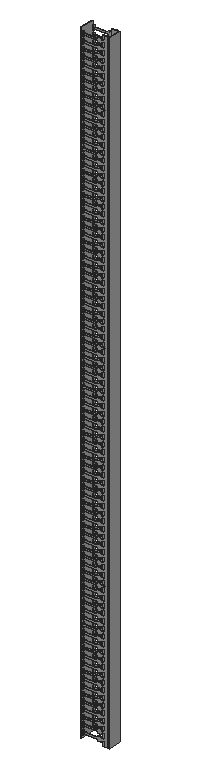
Revit family "ITK by ZPAS_Кабель-органайзер вертикальный_42U-47U", category Обобщенные модели, Revit 2019 (continued)
Forms (mm)
  Extrusion 3, solid, material "Окраска - RAL 9005" <- "Материал", detail levels fine
    sketch origin (-370, -6, 0) x (1, 0, 0) y (0, 0, -1)
      loop
          ) -> (390, -1059.443) -> (380, -1059.443) -> (376.463, -1064.443) -> (333.033, -1064.443) -> (333.033, -1059.443) -> (326.57, -1059.443) -> (326.57, -1074.443) -> (333.033, -1074.443) -> (333.033, -1069.443) -> (376.463, -1069.443) -> (380, -1074.443) -> (390, -1074.443) -> (393.537, -1069.443) -> (400, -1069.443) -> (400, -1086.771) -> (393.537, -1086.771) -> (390, -1081.771) -> (380, -1081.771) -> (376.463, -1086.771) -> (333.033, -1086.771) -> (333.033, -1081.771) -> (326.57, -1081.771) -> (326.57, -1096.771) -> (333.033, -1096.771) -> (333.033, -1091.771) -> (376.463, -1091.771) -> (380, -1096.771) -> (390, -1096.771) -> (393.537, -1091.771) -> (400, -1091.771) -> (400, -1109.1) -> (393.537, -1109.1) -> (390, -1104.1) -> (380, -1104.1) -> (376.463, -1109.1) -> (333.033, -1109.1) -> (333.033, -1104.1) -> (326.57, -1104.1) -> (326.57, -1119.1) -> (333.033, -1119.1) -> (333.033, -1114.1) -> (376.463, -1114.1) -> (380, -1119.1) -> (390, -1119.1) -> (393.537, -1114.1) -> (400, -1114.1) -> (400, -1131.429) -> (393.537, -1131.429) -> (390, -1126.429) -> (380, -1126.429) -> (376.463, -1131.429) -> (333.033, -1131.429) -> (333.033, -1126.429) -> (326.57, -1126.429) -> (326.57, -1141.429) -> (333.033, -1141.429) -> (333.033, -1136.429) -> (376.463, -1136.429) -> (380, -1141.429) -> (390, -1141.429) -> (393.537, -1136.429) -> (400, -1136.429) -> (400, -1153.757) -> (393.537, -1153.757) -> (390, -1148.757) -> (380, -1148.757) -> (376.463, -1153.757) -> (333.033, -1153.757) -> (333.033, -1148.757) -> (326.57, -1148.757) -> (326.57, -1163.757) -> (333.033, -1163.757) -> (333.033, -1158.757) -> (376.463, -1158.757) -> (380, -1163.757) -> (390, -1163.757) -> (393.537, -1158.757) -> (400, -1158.757) -> (400, -1176.086) -> (393.537, -1176.086) -> (390, -1171.086) -> (380, -1171.086) -> (376.463, -1176.086) -> (333.033, -1176.086) -> (333.033, -1171.086) -> (326.57, -1171.086) -> (326.57, -1186.086) -> (333.033, -1186.086) -> (333.033, -1181.086) -> (376.463, -1181.086) -> (380, -1186.086) -> (390, -1186.086) -> (393.537, -1181.086) -> (400, -1181.086) -> (400, -1198.414) -> (393.537, -1198.414) -> (390, -1193.414) -> (380, -1193.414) -> (376.463, -1198.414) -> (333.033, -1198.414) -> (333.033, -1193.414) -> (326.57, -1193.414) -> (326.57, -1208.414) -> (333.033, -1208.414) -> (333.033, -1203.414) -> (376.463, -1203.414) -> (380, -1208.414) -> (390, -1208.414) -> (393.537, -1203.414) -> (400, -1203.414) -> (400, -1220.743) -> (393.537, -1220.743) -> (390, -1215.743) -> (380, -1215.743) -> (376.463, -1220.743) -> (333.033, -1220.743) -> (333.033, -1215.743) -> (326.57, -1215.743) -> (326.57, -1230.743) -> (333.033, -1230.743) -> (333.033, -1225.743) -> (376.463, -1225.743) -> (380, -1230.743) -> (390, -1230.743) -> (393.537, -1225.743) -> (400, -1225.743) -> (400, -1243.071) -> (393.537, -1243.071) -> (390, -1238.071) -> (380, -1238.071) -> (376.463, -1243.071) -> (333.033, -1243.071) -> (333.033, -1238.071) -> (326.57, -1238.071) -> (326.57, -1253.071) -> (333.033, -1253.071) -> (333.033, -1248.071) -> (376.463, -1248.071) -> (380, -1253.071) -> (390, -1253.071) -> (393.537, -1248.071) -> (400, -1248.071) -> (400, -1265.4) -> (393.537, -1265.4) -> (390, -1260.4) -> (380, -1260.4) -> (376.463, -1265.4) -> (333.033, -1265.4) -> (333.033, -1260.4) -> (326.57, -1260.4) -> (326.57, -1275.4) -> (333.033, -1275.4) -> (333.033, -1270.4) -> (376.463, -1270.4) -> (380, -1275.4) -> (390, -1275.4) -> (393.537, -1270.4) -> (400, -1270.4) -> (400, -1287.729) -> (393.537, -1287.729) -> (390, -1282.729) -> (380, -1282.729) -> (376.463, -1287.729) -> (333.033, -1287.729) -> (333.033, -1282.729) -> (326.57, -1282.729) -> (326.57, -1297.729) -> (333.033, -1297.729) -> (333.033, -1292.729) -> (376.463, -1292.729) -> (380, -1297.729) -> (390, -1297.729) -> (393.537, -1292.729) -> (400, -1292.729) -> (400, -1310.057) -> (393.537, -1310.057) -> (390, -1305.057) -> (380, -1305.057) -> (376.463, -1310.057) -> (333.033, -1310.057) -> (333.033, -1305.057) -> (326.57, -1305.057) -> (326.57, -1320.057) -> (333.033, -1320.057) -> (333.033, -1315.057) -> (376.463, -1315.057) -> (380, -1320.057) -> (390, -1320.057) -> (393.537, -1315.057) -> (400, -1315.057) -> (400, -1332.386) -> (393.537, -1332.386) -> (390, -1327.386) -> (380, -1327.386) -> (376.463, -1332.386) -> (333.033, -1332.386) -> (333.033, -1327.386) -> (326.57, -1327.386) -> (326.57, -1342.386) -> (333.033, -1342.386) -> (333.033, -1337.386) -> (376.463, -1337.386) -> (380, -1342.386) -> (390, -1342.386) -> (393.537, -1337.386) -> (400, -1337.386) -> (400, -1354.714) -> (393.537, -1354.714) -> (390, -1349.714) -> (380, -1349.714) -> (376.463, -1354.714) -> (333.033, -1354.714) -> (333.033, -1349.714) -> (326.57, -1349.714) -> (326.57, -1364.714) -> (333.033, -1364.714) -> (333.033, -1359.714) -> (376.463, -1359.714) -> (380, -1364.714) -> (390, -1364.714) -> (393.537, -1359.714) -> (400, -1359.714) -> (400, -1377.043) -> (393.537, -1377.043) -> (390, -1372.043) -> (380, -1372.043) -> (376.463, -1377.043) -> (333.033, -1377.043) -> (333.033, -1372.043) -> (326.57, -1372.043) -> (326.57, -1387.043) -> (333.033, -1387.043) -> (333.033, -1382.043) -> (376.463, -1382.043) -> (380, -1387.043) -> (390, -1387.043) -> (393.537, -1382.043) -> (400, -1382.043) -> (400, -1399.371) -> (393.537, -1399.371) -> (390, -1394.371) -> (380, -1394.371) -> (376.463, -1399.371) -> (333.033, -1399.371) -> (333.033, -1394.371) -> (326.57, -1394.371) -> (326.57, -1409.371) -> (333.033, -1409.371) -> (333.033, -1404.371) -> (376.463, -1404.371) -> (380, -1409.371) -> (390, -1409.371) -> (393.537, -1404.371) -> (400, -1404.371) -> (400, -1421.7) -> (393.537, -1421.7) -> (390, -1416.7) -> (380, -1416.7) -> (376.463, -1421.7) -> (333.033, -1421.7) -> (333.033, -1416.7) -> (326.57, -1416.7) -> (326.57, -1431.7) -> (333.033, -1431.7) -> (333.033, -1426.7) -> (376.463, -1426.7) -> (380, -1431.7) -> (390, -1431.7) -> (393.537, -1426.7) -> (400, -1426.7) -> (400, -1444.029) -> (393.537, -1444.029) -> (390, -1439.029) -> (380, -1439.029) -> (376.463, -1444.029) -> (333.033, -1444.029) -> (333.033, -1439.029) -> (326.57, -1439.029) -> (326.57, -1454.029) -> (333.033, -1454.029) -> (333.033, -1449.029) -> (376.463, -1449.029) -> (380, -1454.029) -> (390, -1454.029) -> (393.537, -1449.029) -> (400, -1449.029) -> (400, -1466.357) -> (393.537, -1466.357) -> (390, -1461.357) -> (380, -1461.357) -> (376.463, -1466.357) -> (333.033, -1466.357) -> (333.033, -1461.357) -> (326.57, -1461.357) -> (326.57, -1476.357) -> (333.033, -1476.357) -> (333.033, -1471.357) -> (376.463, -1471.357) -> (380, -1476.357) -> (390, -1476.357) -> (393.537, -1471.357) -> (400, -1471.357) -> (400, -1488.686) -> (393.537, -1488.686) -> (390, -1483.686) -> (380, -1483.686) -> (376.463, -1488.686) -> (333.033, -1488.686) -> (333.033, -1483.686) -> (326.57, -1483.686) -> (326.57, -1498.686) -> (333.033, -1498.686) -> (333.033, -1493.686) -> (376.463, -1493.686) -> (380, -1498.686) -> (390, -1498.686) -> (393.537, -1493.686) -> (400, -1493.686) -> (400, -1511.014) -> (393.537, -1511.014) -> (390, -1506.014) -> (380, -1506.014) -> (376.463, -1511.014) -> (333.033, -1511.014) -> (333.033, -1506.014) -> (326.57, -1506.014) -> (326.57, -1521.014) -> (333.033, -1521.014) -> (333.033, -1516.014) -> (376.463, -1516.014) -> (380, -1521.014) -> (390, -1521.014) -> (393.537, -1516.014) -> (400, -1516.014) -> (400, -1533.343) -> (393.537, -1533.343) -> (390, -1528.343) -> (380, -1528.343) -> (376.463, -1533.343) -> (333.033, -1533.343) -> (333.033, -1528.343) -> (326.57, -1528.343) -> (326.57, -1543.343) -> (333.033, -1543.343) -> (333.033, -1538.343) -> (376.463, -1538.343) -> (380, -1543.343) -> (390, -1543.343) -> (393.537, -1538.343) -> (400, -1538.343) -> (400, -1555.671) -> (393.537, -1555.671) -> (390, -1550.671) -> (380, -1550.671) -> (376.463, -1555.671) -> (333.033, -1555.671) -> (333.033, -1550.671) -> (326.57, -1550.671) -> (326.57, -1565.671) -> (333.033, -1565.671) -> (333.033, -1560.671) -> (376.463,
           -1560.671) -> (380, -1565.671) -> (390, -1565.671) -> (393.537, -1560.671) -> (400, -1560.671) -> (400, -1578) -> (393.537, -1578) -> (390, -1573) -> (380, -1573) -> (376.463, -1578) -> (333.033, -1578) -> (333.033, -1573) -> (326.57, -1573) -> (326.57, -1588) -> (333.033, -1588) -> (333.033, -1583) -> (376.463, -1583) -> (380, -1588) -> (390, -1588) -> (393.537, -1583) -> (400, -1583) -> (400, -1600.329) -> (393.537, -1600.329) -> (390, -1595.329) -> (380, -1595.329) -> (376.463, -1600.329) -> (333.033, -1600.329) -> (333.033, -1595.329) -> (326.57, -1595.329) -> (326.57, -1610.329) -> (333.033, -1610.329) -> (333.033, -1605.329) -> (376.463, -1605.329) -> (380, -1610.329) -> (390, -1610.329) -> (393.537, -1605.329) -> (400, -1605.329) -> (400, -1622.657) -> (393.537, -1622.657) -> (390, -1617.657) -> (380, -1617.657) -> (376.463, -1622.657) -> (333.033, -1622.657) -> (333.033, -1617.657) -> (326.57, -1617.657) -> (326.57, -1632.657) -> (333.033, -1632.657) -> (333.033, -1627.657) -> (376.463, -1627.657) -> (380, -1632.657) -> (390, -1632.657) -> (393.537, -1627.657) -> (400, -1627.657) -> (400, -1644.986) -> (393.537, -1644.986) -> (390, -1639.986) -> (380, -1639.986) -> (376.463, -1644.986) -> (333.033, -1644.986) -> (333.033, -1639.986) -> (326.57, -1639.986) -> (326.57, -1654.986) -> (333.033, -1654.986) -> (333.033, -1649.986) -> (376.463, -1649.986) -> (380, -1654.986) -> (390, -1654.986) -> (393.537, -1649.986) -> (400, -1649.986) -> (400, -1667.314) -> (393.537, -1667.314) -> (390, -1662.314) -> (380, -1662.314) -> (376.463, -1667.314) -> (333.033, -1667.314) -> (333.033, -1662.314) -> (326.57, -1662.314) -> (326.57, -1677.314) -> (333.033, -1677.314) -> (333.033, -1672.314) -> (376.463, -1672.314) -> (380, -1677.314) -> (390, -1677.314) -> (393.537, -1672.314) -> (400, -1672.314) -> (400, -1689.643) -> (393.537, -1689.643) -> (390, -1684.643) -> (380, -1684.643) -> (376.463, -1689.643) -> (333.033, -1689.643) -> (333.033, -1684.643) -> (326.57, -1684.643) -> (326.57, -1699.643) -> (333.033, -1699.643) -> (333.033, -1694.643) -> (376.463, -1694.643) -> (380, -1699.643) -> (390, -1699.643) -> (393.537, -1694.643) -> (400, -1694.643) -> (400, -1711.971) -> (393.537, -1711.971) -> (390, -1706.971) -> (380, -1706.971) -> (376.463, -1711.971) -> (333.033, -1711.971) -> (333.033, -1706.971) -> (326.57, -1706.971) -> (326.57, -1721.971) -> (333.033, -1721.971) -> (333.033, -1716.971) -> (376.463, -1716.971) -> (380, -1721.971) -> (390, -1721.971) -> (393.537, -1716.971) -> (400, -1716.971) -> (400, -1734.3) -> (393.537, -1734.3) -> (390, -1729.3) -> (380, -1729.3) -> (376.463, -1734.3) -> (333.033, -1734.3) -> (333.033, -1729.3) -> (326.57, -1729.3) -> (326.57, -1744.3) -> (333.033, -1744.3) -> (333.033, -1739.3) -> (376.463, -1739.3) -> (380, -1744.3) -> (390, -1744.3) -> (393.537, -1739.3) -> (400, -1739.3) -> (400, -1756.629) -> (393.537, -1756.629) -> (390, -1751.629) -> (380, -1751.629) -> (376.463, -1756.629) -> (333.033, -1756.629) -> (333.033, -1751.629) -> (326.57, -1751.629) -> (326.57, -1766.629) -> (333.033, -1766.629) -> (333.033, -1761.629) -> (376.463, -1761.629) -> (380, -1766.629) -> (390, -1766.629) -> (393.537, -1761.629) -> (400, -1761.629) -> (400, -1778.957) -> (393.537, -1778.957) -> (390, -1773.957) -> (380, -1773.957) -> (376.463, -1778.957) -> (333.033, -1778.957) -> (333.033, -1773.957) -> (326.57, -1773.957) -> (326.57, -1788.957) -> (333.033, -1788.957) -> (333.033, -1783.957) -> (376.463, -1783.957) -> (380, -1788.957) -> (390, -1788.957) -> (393.537, -1783.957) -> (400, -1783.957) -> (400, -1801.286) -> (393.537, -1801.286) -> (390, -1796.286) -> (380, -1796.286) -> (376.463, -1801.286) -> (333.033, -1801.286) -> (333.033, -1796.286) -> (326.57, -1796.286) -> (326.57, -1811.286) -> (333.033, -1811.286) -> (333.033, -1806.286) -> (376.463, -1806.286) -> (380, -1811.286) -> (390, -1811.286) -> (393.537, -1806.286) -> (400, -1806.286) -> (400, -1823.614) -> (393.537, -1823.614) -> (390, -1818.614) -> (380, -1818.614) -> (376.463, -1823.614) -> (333.033, -1823.614) -> (333.033, -1818.614) -> (326.57, -1818.614) -> (326.57, -1833.614) -> (333.033, -1833.614) -> (333.033, -1828.614) -> (376.463, -1828.614) -> (380, -1833.614) -> (390, -1833.614) -> (393.537, -1828.614) -> (400, -1828.614) -> (400, -1845.943) -> (393.537, -1845.943) -> (390, -1840.943) -> (380, -1840.943) -> (376.463, -1845.943) -> (333.033, -1845.943) -> (333.033, -1840.943) -> (326.57, -1840.943) -> (326.57, -1855.943) -> (333.033, -1855.943) -> (333.033, -1850.943) -> (376.463, -1850.943) -> (380, -1855.943) -> (390, -1855.943) -> (393.537, -1850.943) -> (400, -1850.943) -> (400, -1868.271) -> (393.537, -1868.271) -> (390, -1863.271) -> (380, -1863.271) -> (376.463, -1868.271) -> (333.033, -1868.271) -> (333.033, -1863.271) -> (326.57, -1863.271) -> (326.57, -1878.271) -> (333.033, -1878.271) -> (333.033, -1873.271) -> (376.463, -1873.271) -> (380, -1878.271) -> (390, -1878.271) -> (393.537, -1873.271) -> (400, -1873.271) -> (400, -1890.6) -> (393.537, -1890.6) -> (390, -1885.6) -> (380, -1885.6) -> (376.463, -1890.6) -> (333.033, -1890.6) -> (333.033, -1885.6) -> (326.57, -1885.6) -> (326.57, -1900.6) -> (333.033, -1900.6) -> (333.033, -1895.6) -> (376.463, -1895.6) -> (380, -1900.6) -> (390, -1900.6) -> (393.537, -1895.6) -> (400, -1895.6) -> (400, -1912.929) -> (393.537, -1912.929) -> (390, -1907.929) -> (380, -1907.929) -> (376.463, -1912.929) -> (333.033, -1912.929) -> (333.033, -1907.929) -> (326.57, -1907.929) -> (326.57, -1922.929) -> (333.033, -1922.929) -> (333.033, -1917.929) -> (376.463, -1917.929) -> (380, -1922.929) -> (390, -1922.929) -> (393.537, -1917.929) -> (400, -1917.929) -> (400, -1935.257) -> (393.537, -1935.257) -> (390, -1930.257) -> (380, -1930.257) -> (376.463, -1935.257) -> (333.033, -1935.257) -> (333.033, -1930.257) -> (326.57, -1930.257) -> (326.57, -1945.257) -> (333.033, -1945.257) -> (333.033, -1940.257) -> (376.463, -1940.257) -> (380, -1945.257) -> (390, -1945.257) -> (393.537, -1940.257) -> (400, -1940.257) -> (400, -1957.586) -> (393.537, -1957.586) -> (390, -1952.586) -> (380, -1952.586) -> (376.463, -1957.586) -> (333.033, -1957.586) -> (333.033, -1952.586) -> (326.57, -1952.586) -> (326.57, -1967.586) -> (333.033, -1967.586) -> (333.033, -1962.586) -> (376.463, -1962.586) -> (380, -1967.586) -> (390, -1967.586) -> (393.537, -1962.586) -> (400, -1962.586) -> (400, -1979.914) -> (393.537, -1979.914) -> (390, -1974.914) -> (380, -1974.914) -> (376.463, -1979.914) -> (333.033, -1979.914) -> (333.033, -1974.914) -> (326.57, -1974.914) -> (326.57, -1989.914) -> (333.033, -1989.914) -> (333.033, -1984.914) -> (376.463, -1984.914) -> (380, -1989.914) -> (390, -1989.914) -> (393.537, -1984.914) -> (400, -1984.914) -> (400, -2002.243) -> (393.537, -2002.243) -> (390, -1997.243) -> (380, -1997.243) -> (376.463, -2002.243) -> (333.033, -2002.243) -> (333.033, -1997.243) -> (326.57, -1997.243) -> (326.57, -2012.243) -> (333.033, -2012.243) -> (333.033, -2007.243) -> (376.463, -2007.243) -> (380, -2012.243) -> (390, -2012.243) -> (393.537, -2007.243) -> (400, -2007.243) -> (400, -2024.571) -> (393.537, -2024.571) -> (390, -2019.571) -> (380, -2019.571) -> (376.463, -2024.571) -> (333.033, -2024.571) -> (333.033, -2019.571) -> (326.57, -2019.571) -> (326.57, -2034.571) -> (333.033, -2034.571) -> (333.033, -2029.571) -> (376.463, -2029.571) -> (380, -2034.571) -> (390, -2034.571) -> (393.537, -2029.571) -> (400, -2029.571) -> (400, -2046.9) -> (393.537, -2046.9) -> (390, -2041.9) -> (380, -2041.9) -> (376.463, -2046.9) -> (333.033, -2046.9) -> (333.033, -2041.9) -> (326.57, -2041.9) -> (326.57, -2056.9) -> (333.033, -2056.9) -> (333.033, -2051.9) -> (376.463, -2051.9)
    from 3.968 to 6
  Extrusion 4, solid, material "Условный материал-отделка", detail levels coarse+medium
    sketch origin (0, 0, 0) x (1, 0, 0) y (0, 1, 0)
      loop
        line (-45.46, 0) -> (-45.46, -44.063) -> (45.46, -44.063) -> (45.46, 0) -> (-45.46, 0)
    from 0 to 2066.9 <- "Высота"
Dimensions and locks
  plane 5 to plane 1 "По центру (Вперед/Назад)" = 44.063 mm
  aligned and locked: level to plane 2
  aligned and locked: Extrusion 2 to Extrusion 1
  aligned and locked: Extrusion 4 sketch curve to Extrusion 1  (x2)
  aligned and locked: Extrusion 4 sketch curve to plane 5
  aligned and locked: Extrusion 4 sketch curve to plane 7
Types (2, lengths in mm): name | Материал | IEK_URL | ADSK_Наименование | ADSK_Код изделия
  В2066,9_Черный | Окраска - RAL 9005 | "https://www.itk-group.ru/produktsiya/catalog/oborudovanie_telekommunikatsionnoe/kompleksnye_resheniya_dlya_tsod/shkafy_i_aksessuary_dlya_tsod/komplektuyushchie_i_aksessuary_dlya_shkafov_itk_by_zpas/kabelnye_organizatory_itk_by_zpas/itk_by_zpas_kabel_organayzer_vertikalnyy_47u_800_chernyy" | "ITK by ZPAS Кабель-органайзер вертикальный 47U 800 черный" | "ZP-CC05-47U-V-0800"
  В2066,9_Серый | Окраска - RAL 7035 | "https://www.itk-group.ru/produktsiya/catalog/oborudovanie_telekommunikatsionnoe/kompleksnye_resheniya_dlya_tsod/shkafy_i_aksessuary_dlya_tsod/komplektuyushchie_i_aksessuary_dlya_shkafov_itk_by_zpas/kabelnye_organizatory_itk_by_zpas/itk_by_zpas_kabel_organayzer_vertikalnyy_47u_800mm_seryy" | "ITK by ZPAS Кабель-органайзер вертикальный 47U 800 серый" | "ZP-CC35-47U-V-0800"
